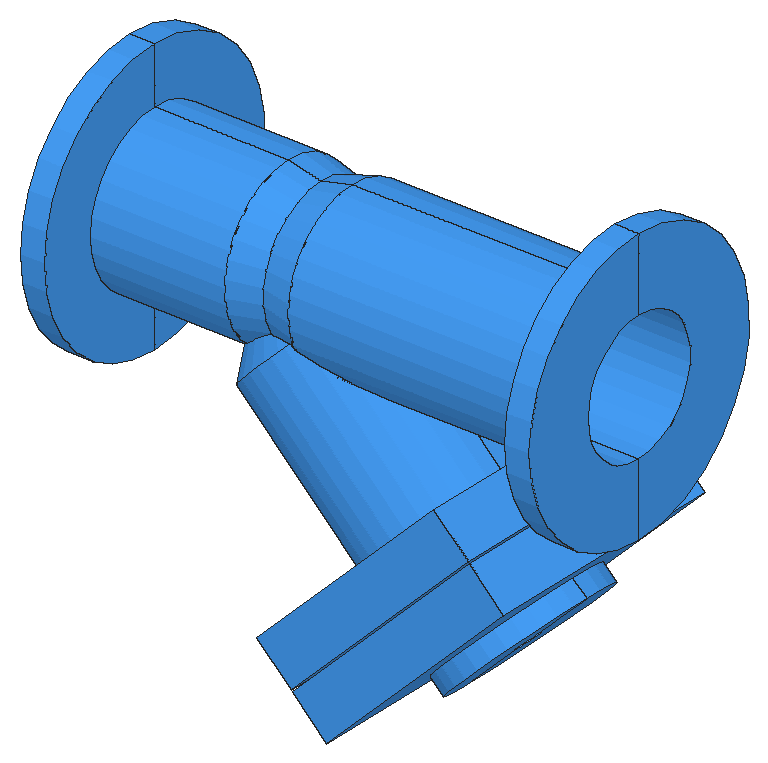
Revit family "Wye-Pattern_Strainers-Backflow_Preventor-WATTS-77F-DI-FDA-125", category Pipe Accessories, Revit 2014
Parameters (values of type "77F-DI-FDA-125 2"")
  Width = 4 1/4"
  Weight = "18/8 (LB/KG)"
  Waste Connection = no
  Vent Connection = no
  URL = "http://www.watts.com/"
  Strainer Width = 3 7/8"
  Strainer Thickness = Flange Thickness * 2  # 3/4"
  Strainer Revolve Offset Distance = Strainer Width / 2  # 1 15/16"
  Strainer Offset Length From Flange = (Strainer Length - Strainer Diameter) / 2  # 11/16"
  Strainer Length = Strainer Width  # 3 7/8"
  Strainer Diameter = Nominal Depth * 2 + NPT Diameter  # 2 1/2"
  Product Page URL = "http://www.watts.com/pages/_products_details.asp?pid=834"
  Product Documentation Link = "http://media.wattswater.com/ES-77F-DI-125.pdf"
  Price = "Prices may vary. Please consult Manufacturer Representative for most up-to-date price list."  # constant formula
  Nominal Depth 2 = Nominal Depth / 2  # 1/2"
  Nominal Depth = 1"
  NPT Radius = NPT Diameter / 2  # 1/4"
  NPT Diameter = 1/2"
  Model = "77F-DI-FDA-125"  # constant formula
  Max. Working Pressure = "200psi (13.8 bar) WOG, non-shock, @ 210°F (99°C) 125psi (8.6 bar) WSP @ 353°F (178°C)\r"  # constant formula
  Material = "Metal-Watts-Cast Iron"  # constant formula
  Manufacturer = "WATTS"  # constant formula
  HW Connection = no
  Flange Thickness = 3/8"
  Finish = Metal-Watts-Cast Iron
  Description = "Cast Iron, Class 125 Flanged End, Wye-Pattern Strainers with FDA Epoxy Coating"  # constant formula
  D = 7"
  Creation Date = "07/26/2018"  # constant formula
  Connection Size = Connection Radius * 2  # 2"
  Connection Radius = 1"
  Connection Outlet Description = "1/2\" Flanged Outlet"
  Connection Inlet Description = "1/2\" Flanged Inlet"
  Clearance = yes
  CW Connection = yes
  Body Radius = 1 1/4"
  B = 5 1/4"
  Assembly Code = "F1050"
  A = 7 7/8"
Types (10): name | Width | Weight | Strainer Width | Strainer Thickness | Strainer Revolve Offset Distance | Strainer Offset Length From Flange | Strainer Length | Strainer Diameter | Nominal Depth 2 | Nominal Depth | NPT Radius | NPT Diameter | Flange Thickness | D | Connection Size | Connection Radius | Connection Outlet Description | Connection Inlet Description | Body Radius | B | A
  (no name) | 4 1/4" | "18/8 (LB/KG)" | 3 7/8" | 3/4" | 1 15/16" | 11/16" | 3 7/8" | 2 1/2" | 1/2" | 1" | 1/4" | 1/2" | 3/8" | 7" | 2" | 1" | "1/2\" Flanged Outlet" | "1/2\" Flanged Inlet" | 1 1/4" | 5 1/4" | 7 7/8"
  77F-DI-FDA-125 2" | 4 1/4" | "18/8 (LB/KG)" | 3 7/8" | 3/4" | 1 15/16" | 11/16" | 3 7/8" | 2 1/2" | 1/2" | 1" | 1/4" | 1/2" | 3/8" | 7" | 2" | 1" | "1/2\" Flanged Outlet" | "1/2\" Flanged Inlet" | 1 1/4" | 5 1/4" | 7 7/8"
  77F-DI-FDA-125 2.5" | 5" | "28/13 (LB/KG)" | 4 7/8" | 3/4" | 2 7/16" | 15/16" | 4 7/8" | 3" | 1/2" | 1" | 1/2" | 1" | 3/8" | 9 3/4" | 2 1/2" | 1 1/4" | "1\" Flanged Outlet" | "1\" Flanged Inlet" | 1 5/8" | 6 1/2" | 10"
  77F-DI-FDA-125 3" | 5 1/2" | "34/15 (LB/KG)" | 5" | 1" | 2 1/2" | 5/8" | 5" | 3 3/4" | 11/16" | 1 3/8" | 1/2" | 1" | 1/2" | 10" | 3" | 1 1/2" | "1\" Flanged Outlet" | "1\" Flanged Inlet" | 2" | 7" | 10 1/8"
  77F-DI-FDA-125 4" | 7" | "60/27 (LB/KG)" | 6 1/8" | 1" | 3 1/16" | 11/16" | 6 1/8" | 4 3/4" | 13/16" | 1 5/8" | 3/4" | 1 1/2" | 1/2" | 12" | 4" | 2" | "1-1/2\" Flanged Outlet" | "1-1/2\" Flanged Inlet" | 2 1/2" | 8 1/4" | 12 1/8"
  77F-DI-FDA-125 5" | 8 1/4" | "95/43 (LB/KG)" | 7 1/2" | 1 1/4" | 3 3/4" | 1" | 7 1/2" | 5 1/2" | 7/8" | 1 3/4" | 1" | 2" | 5/8" | 17" | 5" | 2 1/2" | "2\" Flanged Outlet" | "2\" Flanged Inlet" | 3" | 11 1/4" | 15 5/8"
  77F-DI-FDA-125 6" | 10" | "133/60 (LB/KG)" | 8 1/2" | 2" | 4 1/4" | 3/4" | 8 1/2" | 7" | 1 1/4" | 2 1/2" | 1" | 2" | 1" | 20" | 6" | 3" | "2\" Flanged Outlet" | "2\" Flanged Inlet" | 3 1/2" | 13 1/2" | 18 1/2"
  77F-DI-FDA-125 8" | 14" | "247/112 (LB/KG)" | 11" | 2" | 5 1/2" | 5/8" | 11" | 9 3/4" | 1 15/16" | 3 7/8" | 1" | 2" | 1" | 22 3/4" | 8" | 4" | "2\" Flanged Outlet" | "2\" Flanged Inlet" | 5" | 15 1/2" | 21 5/8"
  77F-DI-FDA-125 10" | 16" | "370/168 (LB/KG)" | 12" | 3" | 6" | 1" | 12" | 10" | 2" | 4" | 1" | 2" | 1 1/2" | 28" | 10" | 5" | "2\" Flanged Outlet" | "2\" Flanged Inlet" | 5 5/8" | 18 1/2" | 26"
  77F-DI-FDA-125 12" | 20" | "579/262 (LB/KG)" | 15" | 3" | 7 1/2" | 3/4" | 15" | 13 1/2" | 2 7/8" | 5 3/4" | 1" | 2" | 1 1/2" | 30" | 12" | 6" | "2\" Flanged Outlet" | "2\" Flanged Inlet" | 7" | 21 3/4" | 29 7/8"
Reference planes (in)
  plane 1 "Center (Front/Back)": y = 0
  plane 2: z = 0
  plane 3 "Center (Left/Right)": x = 0
  plane 4: x = -3.9375
  plane 5: x = 3.9375
  plane 6: z = 1
  plane 7: z = -1
  plane 8: z = 2.125
  plane 9: z = -2.125
  plane 10: z = -5.25
  plane 11: z = 1.25
  plane 12: z = 1.125
  plane 13: x = -1.96875
  plane 14: x = -0.98437
  plane 15: x = -1.47656
  plane 16: x = -0.49219
  plane 17: y = 1.9375
  plane 18: y = -1.9375
  plane 19: z = -1.5625
  plane 20: z = -1
  plane 21: z = -1.84375
  plane 22: z = 1
  plane 23: x = -1.59375
  plane 24: x = 1.59375
  plane 25: y = -2
  plane 26: z = -7
Forms (in)
  Revolve 1, solid, material "Metal-Watts-Cast Iron"
    sketch origin (0, 0, 0) x (1, 0, 0) y (0, 0, 1)
      loop
        line (-3.9375, 1) -> (3.9375, 1) -> (3.9375, 2.125) -> (3.5625, 2.125) -> (3.5625, 1.25) -> (-0.49219, 1.25) -> (-0.98437, 1.125) -> (-1.47656, 1.25) -> (-3.5625, 1.25) -> (-3.5625, 2.125) -> (-3.9375, 2.125) -> (-3.9375, 1)
      axis (3.9375, 0) -> (-3.9375, 0)
    angle from 0 to 360
  Extrusion 2, solid, material "Metal-Watts-Cast Iron"
    sketch origin (-0.64688, 0, 0.64688) x (1, 0, 0) y (0, 0, 1)
      loop
        line (1.30778, -5.89688) -> (4.04782, -3.15684) -> (3.51749, -2.62651) -> (0.77745, -5.36655) -> (1.30778, -5.89688)
      loop
        line (0.75535, -5.34446) -> (3.49539, -2.60442) -> (2.96506, -2.07409) -> (0.22502, -4.81413) -> (0.75535, -5.34446)
    from -1.9375 to 1.9375
  Revolve 3, solid, material "Metal-Watts-Cast Iron"
    sketch origin (0, 0, 0) x (1, 0, 0) y (0, 0, 1)
      loop
        line (-1.83919, -0.36343) -> (-1.83919, -1.77764) -> (1.368, -4.98483) -> (2.07511, -4.27773) -> (-1.83919, -0.36343)
      axis (-1.66241, -0.18665) -> (2.25189, -4.10095)
    angle from 0 to 360
Lines and regions (in)
  Masking region 1, detail levels fine
    outline origin (0, 0, 0) x (1, 0, 0) y (0, 1, 0)
      loop
        line (-3.9375, 2.125) -> (-3.9375, -2.125) -> (-3.5625, -2.125) -> (-3.5625, -1.25) -> (-0.42186, -1.25) -> (-0.42186, -1.9375) -> (3.40093, -1.9375) -> (3.40093, -1.25) -> (3.5625, -1.25) -> (3.5625, -2.125) -> (3.9375, -2.125) -> (3.9375, 2.125) -> (3.5625, 2.125) -> (3.5625, 1.25) -> (3.40093, 1.25) -> (3.40093, 1.9375) -> (-0.42186, 1.9375) -> (-0.42186, 1.25) -> (-3.5625, 1.25) -> (-3.5625, 2.125) -> (-3.9375, 2.125)
  symbolic lines, style "PipeAccessory", detail levels fine
    curve 1: line (-0.42186, 1.25, 0) -> (3.40093, 1.25, 0)
    curve 2: line (-0.42186, -1.25, 0) -> (3.40093, -1.25, 0)
    curve 3: line (-3.5625, 1.25, 0) -> (-3.5625, -1.25, 0)
    curve 4: line (3.5625, 1.25, 0) -> (3.5625, -1.25, 0)
  symbolic lines, style "PlumbingFixturesHiddenLines", visible <- "Clearance", detail levels fine
    curve 5: line (-3.9375, 0, 0) -> (3.9375, 0, 0)
    curve 6: line (-3.9375, 0, -7) -> (-3.9375, 0, 0)
    curve 7: line (3.9375, 0, -7) -> (-3.9375, 0, -7)
    curve 8: line (3.9375, 0, 0) -> (3.9375, 0, -7)
Dimensions and locks (in)
  "Connection Size": plane 6 to plane 7
  "Width": plane 8 to plane 9
  equal spacing: plane 8, level, plane 9
  "A": plane 5 to plane 4
  equal spacing: plane 4, plane 3 "Center (Left/Right)", plane 5
  "B": level to plane 10
  equal spacing: plane 6, level, plane 7
  equal spacing: plane 3 "Center (Left/Right)", plane 13, plane 4
  equal spacing: plane 3 "Center (Left/Right)", plane 14, plane 13
  equal spacing: plane 14, plane 15, plane 13
  equal spacing: plane 3 "Center (Left/Right)", plane 16, plane 14
  "Strainer Width": plane 17 to plane 18
  "Flange Thickness": Revolve 1 sketch curve to plane 4
  "Flange Thickness": Revolve 1 sketch curve to plane 5
  "Connection Radius": level to plane 20
  equal spacing: plane 20, plane 19, plane 9
  equal spacing: plane 19, plane 21, plane 9
  "NPT Radius": Revolve 3 sketch curve to Revolve 3 sketch curve
  locked: Revolve 3 sketch curve to Extrusion 2 at 0.3125
  "Nominal Depth": Revolve 3 sketch curve to Revolve 3 sketch curve
  "Connection Radius": plane 22 to level
  equal spacing: plane 11, plane 12, plane 22
  equal spacing: plane 17, plane 1 "Center (Front/Back)", plane 18
  "Strainer Length": Extrusion 2 sketch curve to Extrusion 2 sketch curve  (x2)
  "Body Radius": plane 11 to level
  "Strainer Revolve Offset Distance": Extrusion 2 to Revolve 3 sketch curve
  "Strainer Thickness": Extrusion 2 sketch curve to Extrusion 2 sketch curve  (x2)
  "Width": Masking region 1 sketch curve to Masking region 1 sketch curve
  equal spacing: Masking region 1 sketch curve, plane 1 "Center (Front/Back)", Masking region 1 sketch curve
  "Body Radius": plane 1 "Center (Front/Back)" to Masking region 1 sketch curve
  "Body Radius": Masking region 1 sketch curve to plane 1 "Center (Front/Back)"
  locked: plane 25 to plane 1 "Center (Front/Back)" at 2
  locked: Extrusion 2 sketch curve to Extrusion 2 sketch curve at 0.03125
  "D": level to plane 26
  locked: plane 10 to Extrusion 2 sketch curve (angle 45.00°)  (x2)
  locked: Extrusion 2 sketch curve to plane 10 (angle 45.00°)  (x2)
  locked: Revolve 3 sketch curve to plane 21 (angle 45.00°)
  aligned and locked: plane 5 to Revolve 1 sketch curve
  aligned and locked: plane 8 to Revolve 1 sketch curve
  aligned and locked: Revolve 1 sketch curve to plane 8
  aligned and locked: Revolve 1 sketch curve to Revolve 1 sketch curve
  aligned and locked: Revolve 1 sketch curve to plane 11
  aligned and locked: plane 15 to Revolve 1 sketch curve
  aligned and locked: plane 16 to Revolve 1 sketch curve
  aligned and locked: plane 12 to Revolve 1 sketch curve
  aligned and locked: plane 14 to Revolve 1 sketch curve
  aligned and locked: Extrusion 2 to plane 17
  aligned and locked: Extrusion 2 to plane 18
  aligned and locked: Revolve 1 sketch curve to plane 6
  aligned and locked: plane 10 to Extrusion 2 sketch curve
  aligned and locked: Masking region 1 sketch curve to plane 4
  aligned and locked: Masking region 1 sketch curve to plane 5
  aligned and locked: Masking region 1 sketch curve to Masking region 1 sketch curve  (x8)
  aligned and locked: Revolve 1 to Masking region 1 sketch curve
  aligned and locked: Masking region 1 sketch curve to Revolve 1
  aligned and locked: Masking region 1 sketch curve to plane 17
  aligned and locked: Masking region 1 sketch curve to Extrusion 2  (x2)
  aligned and locked: Masking region 1 sketch curve to plane 18
  aligned and locked: Masking region 1 to curve 2  (x2)
  aligned and locked: curve 2 to Masking region 1
  aligned and locked: curve 1 to Masking region 1  (x2)
  aligned and locked: Masking region 1 to curve 1
  aligned and locked: Revolve 1 to curve 3
  aligned and locked: Revolve 1 to curve 4
  aligned and locked: curve 3 to Masking region 1
  aligned and locked: Masking region 1 to curve 3
  aligned and locked: curve 4 to Masking region 1
  aligned and locked: Masking region 1 to curve 4
  aligned and locked: Extrusion 2 sketch curve to Extrusion 2 sketch curve  (x2)
  aligned and locked: curve 5 to level
  aligned and locked: curve 6 to Revolve 1
  aligned and locked: curve 7 to plane 26
  aligned and locked: plane 5 to curve 8
Automatic sketch dimensions
  Revolve 1 sketch curve to level = 0"
  Revolve 1 sketch curve to plane 4 = 0"
  Revolve 1 sketch curve to plane 4 = 0.90603"
  Revolve 1 sketch curve to Revolve 1 sketch curve = 0.42846"
  plane 3 "Center (Left/Right)" to Extrusion 2 sketch curve = 0.10847"
  Revolve 3 sketch curve to plane 23 = 0.24544"
  Revolve 3 sketch curve to plane 19 = 0.18272"
Connectors (in)
  piping at (3.9375, 0, 0), diameter 2, driven by "Connection Radius"
    settings: on Revolve 1, index 1, connector inside diameter 3/4", connector length 0", flow factor 0, pipe flow 0 GPM, pressure drop 0.00 psi, fitting loss kfactor 0, connector angle 0.00°, fixture units 0, engagement length 0", angle of deflection 0.00°, flow configuration 0, flow direction 2, fitting loss method 0, system type 29, joint type 0, gender type 0, connector reference index 2, connector utility 0, adjustable connector no, is connector primary no, connector description "Threaded Female Connection Outlet"
  piping at (-3.9375, 0, 0), diameter 2, driven by "Connection Radius"
    settings: on Revolve 1, index 2, connector inside diameter 3/4", connector length 0", flow factor 0, pipe flow 0 GPM, pressure drop 0.00 psi, fitting loss kfactor 0, connector angle 0.00°, fixture units 0, engagement length 0", angle of deflection 0.00°, flow configuration 0, flow direction 1, fitting loss method 0, system type 29, joint type 0, gender type 0, connector reference index 1, connector utility 0, adjustable connector no, is connector primary yes, connector description "Threaded Female Connection Inlet"
